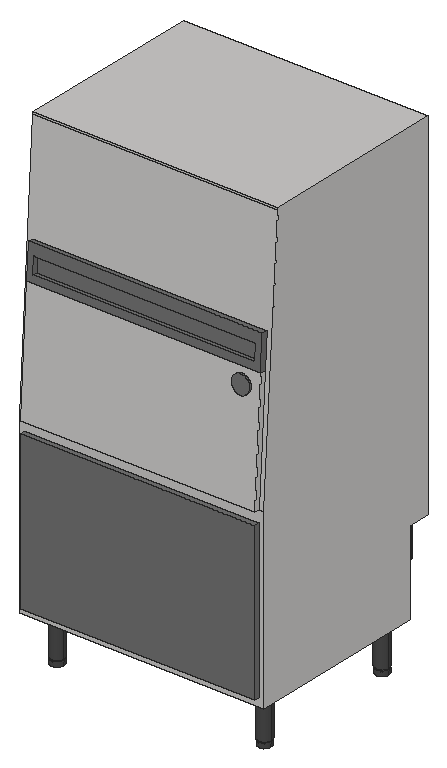
Revit family "QF_MACOM_HOSIM130A-2M", category Equipamento especial, Revit 2020
Family settings
  Cota do conector redondo = Utilizar diâmetro
  Tipo de parte = Normal
  Número OmniClass = 23.40.40.14.27
  Título OmniClass = Ice Machines
  Com base no plano de trabalho = Não
  Sempre na vertical = Sim
  Corte com vazios quando carregada = Não
  Compartilhado = Não
  Ponto de cálculo do ambiente = Não
Parameters (values of type "HOSIM130A-2M")
  Work Temperature = "0"
  Weight [instance] = 79.00 kg
  Watts [instance] = 630 W
  Water Temperature = "0"
  Water Consumption per day = "0"
  Waste Water Discharge Temperature = 0 °C
  Volume = 0.504 m³
  Volts [instance] = 220 V
  URL Recommended Spares List [instance] = ""
  URL Manufacturer [instance] = ""
  URL Cutsheet [instance] = ""
  URL Critical Spares List [instance] = ""
  URL = "https://www.acosmacom.com.br/"
  Storage = 52.00 kg
  Specification by User [instance] = ""
  Specification by Manufacturer [instance] = ""
  Serial Number [instance] = ""
  Seismic Rating [instance] = ""
  SMACNA No [instance] = ""
  Revision Code [instance] = ""
  Pumbling Remarks = ""
  Production per Day = "0"
  Production per Cycle = "80 cubes"
  Plumbing Connection Type = ""
  Number of Poles = 0
  NAFEM Spec ID Number [instance] = ""
  Modelo = "HOSIM130A-2M"
  Min Ckt Ampacity = 0 A
  Max Overcurrent Protection = 0 A
  Item Number [instance] = ""
  Installed by [instance] = ""
  Indirect Waste Size = 3/4"
  Indirect Waste Flow = 0.0 L/s
  Indirect Waste Connection Type = ""
  Indirect Waste Connection Height = 153 mm
  HP = ""
  Furnished by [instance] = ""
  Fabricante = "MACOM"
  FL Amps = 0 A
  Elevação padrão = 0 mm
  Electrical Remarks = ""
  Electric Connection Type = ""
  Elec Conn RI Height = 0 mm
  Descrição = "MAQUINA DE GELO EM CUBO HOSHIZAKI, PRODUCAO ATE 125KG/DIA, COM DEPOSITO DE 52KG - 220V MONOF - IM-130A-660X570X1320mm"
  Conn Conduit = yes
  Type Comments = ""
  Solid Fuel Type [instance] = ""
  Show Logo [instance] = yes
  Show Clearances [instance] = yes
  Refrigeration Suction Line Size [instance] = 0"
  Refrigeration Liquid Line Size [instance] = 0"
  Refrigeration Evaporation Temperature [instance] = 0 °C
  Refrigeration Energy Efficiency Index [instance] = ""
  Refrigeration Defrost Drain [instance] = yes
  Refrigeration Climate Class [instance] = ""
  Refrigerant Type [instance] = "R404a"
  Refrigerant Mass [instance] = 0
  Refrigerant Flow [instance] = 0.0 L/s
  Refrigerant Compressor Remote [instance] = yes
  Potential Equalisation [instance] = yes
  Phase [instance] = 0
  Operational Current [instance] = 2.7 A
  Masterspec [instance] = ""
  Length Actual [instance] = 664 mm
  Ingress Protection Code [instance] = ""
  Identify Quantity as Lot [instance] = yes
  Height Actual = 1332 mm
  Gas Connection Height [instance] = 0 mm
  Fuel Type [instance] = ""
  Foodservice Equipment Identifier [instance] = yes
  Elec Conn Connection Height [instance] = 198 mm
  Depth Actual [instance] = 570 mm
  Cycle [instance] = 60 Hz
  Conn Plug [instance] = ""
  Cold Water Temperature Recommended = 0 °C
  Cold Water Size = 1/2"
  Cold Water RI Height = 0 mm
  Cold Water Minimum Pressure = 0.0 Pa
  Cold Water Maximum Pressure = 0.0 Pa
  Cold Water Flow = 0.0 L/s
  Cold Water Consumption = ""
  Cold Water Connection Height = 229 mm
  CSI MasterFormat [instance] = ""
  CE Approved [instance] = yes
  BTUH [instance] = 4811 Btu/h
  Apparent Power = 0 VA
  Accessory [instance] = yes
Reference planes
  plane 1 "Centro (Frontal/Traseira)": y = 0
  plane 2: z = 0
  plane 3 "Centro (Esquerda/Direita)": x = 0
  plane 4: x = 664
  plane 5: z = 1332
  plane 6: y = -570
  plane 7: y = -725
Forms (mm)
  Extrusion 1, solid, material "QF_Metal_Stainless Steel"
    sketch origin (0, 0, 0) x (0, 1, 0) y (0, 0, 1)
      loop
        line (0, 1332) -> (-510, 1332) -> (-510, 1327) -> (-555, 611.5) -> (-555, 132) -> (-60, 132) -> (-60, 361) -> (0, 361) -> (0, 1332)
    from 0 to 664
  Extrusion 2, solid, material "QF_Plastic-Dark Gray"
    sketch origin (0, -555, 152) x (0, 0, 1) y (-1, 0, 0)
      loop
        line (428, -15) -> (2.5, -15) -> (2.5, -649) -> (428, -649) -> (428, -15)
    from 0 to 15
  Extrusion 3, solid, material "QF_Metal_Stainless Steel"
    sketch origin (0, 0, 0) x (0, 1, 0) y (0, 0, 1)
      loop
        line (-555, 611.5) -> (-534.223, 941.847) -> (-549.194, 942.789) -> (-569.97, 612.442) -> (-555, 611.5)
    from 15 to 649
  Extrusion 4, solid, material "QF_Plastic-Dark Gray"
    sketch origin (649, 0, 0) x (0, 1, 0) y (0, 0, 1)
      loop
        line (-534.223, 941.847) -> (-528.26, 1036.66) -> (-543.231, 1037.601) -> (-549.194, 942.789) -> (-534.223, 941.847)
    from 0 to -634
  Extrusion 5, void
    sketch origin (649, 0, 0) x (0, -1, 0) y (0, 0, 1)
      loop
        line (547.938, 962.749) -> (545.114, 1007.661) -> (540.905, 1007.396)
        arc (540.905, 1007.396) -> (539.129, 1008.004) -> (538.303, 1009.689) r 2.452
        line (538.303, 1009.689) -> (537.614, 1020.651) -> (532.624, 1020.337) -> (536.292, 962.017) -> (547.938, 962.749)
    from 15 to 619
  Extrusion 6, solid, material "QF_Finishes_Clearance_Door_Drawer", detail levels coarse
    sketch origin (649, 0, 0) x (0, 1, 0) y (0, 0, 1)
      loop
        arc (-543.231, 1037.601) -> (-772.594, 987.167) -> (-940.38, 822.853) r 426
        line (-940.38, 822.853) -> (-569.97, 612.442) -> (-543.231, 1037.601)
    from 0 to -634
  Extrusion 7, solid, material "QF_Finishes_Clearance_Wall", detail levels coarse
    sketch origin (0, 0, 1332) x (0, -1, 0) y (1, 0, 0)
      loop
        line (0, 0) -> (0, -150) -> (570, -150) -> (570, 0) -> (0, 0)
      loop
        line (0, 664) -> (570, 664) -> (570, 814) -> (0, 814) -> (0, 664)
    from 0 to -1332
  Extrusion 8, solid, material "QF_Finishes_Clearance_Wall", detail levels coarse
    sketch origin (0, 0, 1332) x (0, -1, 0) y (1, 0, 0)
      loop
        line (0, -150) -> (570, -150) -> (570, 814) -> (0, 814) -> (0, -150)
    from 0 to 150
  Extrusion 9, solid, material "QF_Metal_Stainless Steel"
    sketch origin (0, 0, 361) x (-1, 0, 0) y (0, 1, 0)
      loop
        circle (-638, -30) r 6.35
    from 0 to 100
  Extrusion 10, solid, material "QF_Metal_Stainless Steel"
    sketch origin (0, -60, 761) x (0, 0, -1) y (-1, 0, 0)
      loop
        circle (476, -78.5) r 9.525
      loop
        circle (431, -35) r 9.525
    from 0 to 6.35
Cuts and joins
  Extrusion 5 cuts Extrusion 4
  joined: Extrusion 7, Extrusion 8
Lines and regions (mm)
  model lines
    curve 1: line (34.5, -570, 170.5) -> (34.5, -570, 185.4)
    curve 2: line (625.5, -570, 170.5) -> (34.5, -570, 170.5)
    curve 3: line (625.5, -570, 185.4) -> (625.5, -570, 170.5)
    curve 4: line (34.5, -570, 185.4) -> (625.5, -570, 185.4)
    curve 5: line (133, -570, 185.4) -> (133, -570, 170.5)
    curve 6: line (231.5, -570, 185.4) -> (231.5, -570, 170.5)
    curve 7: line (330, -570, 185.4) -> (330, -570, 170.5)
    curve 8: line (428.5, -570, 185.4) -> (428.5, -570, 170.5)
    curve 9: line (527, -570, 185.4) -> (527, -570, 170.5)
    curve 10: line (34.5, -570, 197) -> (34.5, -570, 211.9)
    curve 11: line (625.5, -570, 197) -> (34.5, -570, 197)
    curve 12: line (625.5, -570, 211.9) -> (625.5, -570, 197)
    curve 13: line (34.5, -570, 211.9) -> (625.5, -570, 211.9)
    curve 14: line (133, -570, 211.9) -> (133, -570, 197)
    curve 15: line (231.5, -570, 211.9) -> (231.5, -570, 197)
    curve 16: line (330, -570, 211.9) -> (330, -570, 197)
    curve 17: line (428.5, -570, 211.9) -> (428.5, -570, 197)
    curve 18: line (527, -570, 211.9) -> (527, -570, 197)
    curve 19: line (34.5, -570, 223.5) -> (34.5, -570, 238.4)
    curve 20: line (625.5, -570, 223.5) -> (34.5, -570, 223.5)
    curve 21: line (625.5, -570, 238.4) -> (625.5, -570, 223.5)
    curve 22: line (34.5, -570, 238.4) -> (625.5, -570, 238.4)
    curve 23: line (133, -570, 238.4) -> (133, -570, 223.5)
    curve 24: line (231.5, -570, 238.4) -> (231.5, -570, 223.5)
    curve 25: line (330, -570, 238.4) -> (330, -570, 223.5)
    curve 26: line (428.5, -570, 238.4) -> (428.5, -570, 223.5)
    curve 27: line (527, -570, 238.4) -> (527, -570, 223.5)
    curve 28: line (34.5, -570, 250) -> (34.5, -570, 264.9)
    curve 29: line (625.5, -570, 250) -> (34.5, -570, 250)
    curve 30: line (625.5, -570, 264.9) -> (625.5, -570, 250)
    curve 31: line (34.5, -570, 264.9) -> (625.5, -570, 264.9)
    curve 32: line (133, -570, 264.9) -> (133, -570, 250)
    curve 33: line (231.5, -570, 264.9) -> (231.5, -570, 250)
    curve 34: line (330, -570, 264.9) -> (330, -570, 250)
    curve 35: line (428.5, -570, 264.9) -> (428.5, -570, 250)
    curve 36: line (527, -570, 264.9) -> (527, -570, 250)
    curve 37: line (34.5, -570, 276.5) -> (34.5, -570, 291.4)
    curve 38: line (625.5, -570, 276.5) -> (34.5, -570, 276.5)
    curve 39: line (625.5, -570, 291.4) -> (625.5, -570, 276.5)
    curve 40: line (34.5, -570, 291.4) -> (625.5, -570, 291.4)
    curve 41: line (133, -570, 291.4) -> (133, -570, 276.5)
    curve 42: line (231.5, -570, 291.4) -> (231.5, -570, 276.5)
    curve 43: line (330, -570, 291.4) -> (330, -570, 276.5)
    curve 44: line (428.5, -570, 291.4) -> (428.5, -570, 276.5)
    curve 45: line (527, -570, 291.4) -> (527, -570, 276.5)
    curve 46: line (34.5, -570, 303) -> (34.5, -570, 317.9)
    curve 47: line (625.5, -570, 303) -> (34.5, -570, 303)
    curve 48: line (625.5, -570, 317.9) -> (625.5, -570, 303)
    curve 49: line (34.5, -570, 317.9) -> (625.5, -570, 317.9)
    curve 50: line (133, -570, 317.9) -> (133, -570, 303)
    curve 51: line (231.5, -570, 317.9) -> (231.5, -570, 303)
    curve 52: line (330, -570, 317.9) -> (330, -570, 303)
    curve 53: line (428.5, -570, 317.9) -> (428.5, -570, 303)
    curve 54: line (527, -570, 317.9) -> (527, -570, 303)
    curve 55: line (34.5, -570, 329.5) -> (34.5, -570, 344.4)
    curve 56: line (625.5, -570, 329.5) -> (34.5, -570, 329.5)
    curve 57: line (625.5, -570, 344.4) -> (625.5, -570, 329.5)
    curve 58: line (34.5, -570, 344.4) -> (625.5, -570, 344.4)
    curve 59: line (133, -570, 344.4) -> (133, -570, 329.5)
    curve 60: line (231.5, -570, 344.4) -> (231.5, -570, 329.5)
    curve 61: line (330, -570, 344.4) -> (330, -570, 329.5)
    curve 62: line (428.5, -570, 344.4) -> (428.5, -570, 329.5)
    curve 63: line (527, -570, 344.4) -> (527, -570, 329.5)
    curve 64: line (34.5, -570, 356) -> (34.5, -570, 370.9)
    curve 65: line (625.5, -570, 356) -> (34.5, -570, 356)
    curve 66: line (625.5, -570, 370.9) -> (625.5, -570, 356)
    curve 67: line (34.5, -570, 370.9) -> (625.5, -570, 370.9)
    curve 68: line (133, -570, 370.9) -> (133, -570, 356)
    curve 69: line (231.5, -570, 370.9) -> (231.5, -570, 356)
    curve 70: line (330, -570, 370.9) -> (330, -570, 356)
    curve 71: line (428.5, -570, 370.9) -> (428.5, -570, 356)
    curve 72: line (527, -570, 370.9) -> (527, -570, 356)
    curve 73: line (34.5, -570, 382.5) -> (34.5, -570, 397.4)
    curve 74: line (625.5, -570, 382.5) -> (34.5, -570, 382.5)
    curve 75: line (625.5, -570, 397.4) -> (625.5, -570, 382.5)
    curve 76: line (34.5, -570, 397.4) -> (625.5, -570, 397.4)
    curve 77: line (133, -570, 397.4) -> (133, -570, 382.5)
    curve 78: line (231.5, -570, 397.4) -> (231.5, -570, 382.5)
    curve 79: line (330, -570, 397.4) -> (330, -570, 382.5)
    curve 80: line (428.5, -570, 397.4) -> (428.5, -570, 382.5)
    curve 81: line (527, -570, 397.4) -> (527, -570, 382.5)
    curve 82: line (34.5, -570, 409) -> (34.5, -570, 423.9)
    curve 83: line (625.5, -570, 409) -> (34.5, -570, 409)
    curve 84: line (625.5, -570, 423.9) -> (625.5, -570, 409)
    curve 85: line (34.5, -570, 423.9) -> (625.5, -570, 423.9)
    curve 86: line (133, -570, 423.9) -> (133, -570, 409)
    curve 87: line (231.5, -570, 423.9) -> (231.5, -570, 409)
    curve 88: line (330, -570, 423.9) -> (330, -570, 409)
    curve 89: line (428.5, -570, 423.9) -> (428.5, -570, 409)
    curve 90: line (527, -570, 423.9) -> (527, -570, 409)
    curve 91: line (34.5, -570, 435.5) -> (34.5, -570, 450.4)
    curve 92: line (625.5, -570, 435.5) -> (34.5, -570, 435.5)
    curve 93: line (625.5, -570, 450.4) -> (625.5, -570, 435.5)
    curve 94: line (34.5, -570, 450.4) -> (625.5, -570, 450.4)
    curve 95: line (133, -570, 450.4) -> (133, -570, 435.5)
    curve 96: line (231.5, -570, 450.4) -> (231.5, -570, 435.5)
    curve 97: line (330, -570, 450.4) -> (330, -570, 435.5)
    curve 98: line (428.5, -570, 450.4) -> (428.5, -570, 435.5)
    curve 99: line (527, -570, 450.4) -> (527, -570, 435.5)
    curve 100: line (34.5, -570, 462) -> (34.5, -570, 476.9)
    curve 101: line (625.5, -570, 462) -> (34.5, -570, 462)
    curve 102: line (625.5, -570, 476.9) -> (625.5, -570, 462)
    curve 103: line (34.5, -570, 476.9) -> (625.5, -570, 476.9)
    curve 104: line (133, -570, 476.9) -> (133, -570, 462)
    curve 105: line (231.5, -570, 476.9) -> (231.5, -570, 462)
    curve 106: line (330, -570, 476.9) -> (330, -570, 462)
    curve 107: line (428.5, -570, 476.9) -> (428.5, -570, 462)
    curve 108: line (527, -570, 476.9) -> (527, -570, 462)
    curve 109: line (34.5, -570, 488.5) -> (34.5, -570, 503.4)
    curve 110: line (625.5, -570, 488.5) -> (34.5, -570, 488.5)
    curve 111: line (625.5, -570, 503.4) -> (625.5, -570, 488.5)
    curve 112: line (34.5, -570, 503.4) -> (625.5, -570, 503.4)
    curve 113: line (133, -570, 503.4) -> (133, -570, 488.5)
    curve 114: line (231.5, -570, 503.4) -> (231.5, -570, 488.5)
    curve 115: line (330, -570, 503.4) -> (330, -570, 488.5)
    curve 116: line (428.5, -570, 503.4) -> (428.5, -570, 488.5)
    curve 117: line (527, -570, 503.4) -> (527, -570, 488.5)
    curve 118: line (34.5, -570, 515) -> (34.5, -570, 529.9)
    curve 119: line (625.5, -570, 515) -> (34.5, -570, 515)
    curve 120: line (625.5, -570, 529.9) -> (625.5, -570, 515)
    curve 121: line (34.5, -570, 529.9) -> (625.5, -570, 529.9)
    curve 122: line (133, -570, 529.9) -> (133, -570, 515)
    curve 123: line (231.5, -570, 529.9) -> (231.5, -570, 515)
    curve 124: line (330, -570, 529.9) -> (330, -570, 515)
    curve 125: line (428.5, -570, 529.9) -> (428.5, -570, 515)
    curve 126: line (527, -570, 529.9) -> (527, -570, 515)
    curve 127: line (34.5, -570, 541.5) -> (34.5, -570, 556.4)
    curve 128: line (625.5, -570, 541.5) -> (34.5, -570, 541.5)
    curve 129: line (625.5, -570, 556.4) -> (625.5, -570, 541.5)
    curve 130: line (34.5, -570, 556.4) -> (625.5, -570, 556.4)
    curve 131: line (133, -570, 556.4) -> (133, -570, 541.5)
    curve 132: line (231.5, -570, 556.4) -> (231.5, -570, 541.5)
    curve 133: line (330, -570, 556.4) -> (330, -570, 541.5)
    curve 134: line (428.5, -570, 556.4) -> (428.5, -570, 541.5)
    curve 135: line (527, -570, 556.4) -> (527, -570, 541.5)
    curve 136: line (0, -131.5, 184.5) -> (0, -199.5, 184.5)
    curve 137: line (0, -199.5, 191.5) -> (0, -131.5, 191.5)
    curve 138: arc (0, -199.5, 184.5) -> (0, -203, 188) -> (0, -199.5, 191.5) r 3.5
    curve 139: arc (0, -131.5, 191.5) -> (0, -128, 188) -> (0, -131.5, 184.5) r 3.5
    curve 140: line (0, -212.5, 184.5) -> (0, -280.5, 184.5)
    curve 141: line (0, -280.5, 191.5) -> (0, -212.5, 191.5)
    curve 142: arc (0, -280.5, 184.5) -> (0, -284, 188) -> (0, -280.5, 191.5) r 3.5
    curve 143: arc (0, -212.5, 191.5) -> (0, -209, 188) -> (0, -212.5, 184.5) r 3.5
    curve 144: line (0, -293.5, 184.5) -> (0, -361.5, 184.5)
    curve 145: line (0, -361.5, 191.5) -> (0, -293.5, 191.5)
    curve 146: arc (0, -361.5, 184.5) -> (0, -365, 188) -> (0, -361.5, 191.5) r 3.5
    curve 147: arc (0, -293.5, 191.5) -> (0, -290, 188) -> (0, -293.5, 184.5) r 3.5
    curve 148: line (0, -131.5, 195.5) -> (0, -199.5, 195.5)
    curve 149: line (0, -199.5, 202.5) -> (0, -131.5, 202.5)
    curve 150: arc (0, -199.5, 195.5) -> (0, -203, 199) -> (0, -199.5, 202.5) r 3.5
    curve 151: arc (0, -131.5, 202.5) -> (0, -128, 199) -> (0, -131.5, 195.5) r 3.5
    curve 152: line (0, -212.5, 195.5) -> (0, -280.5, 195.5)
    curve 153: line (0, -280.5, 202.5) -> (0, -212.5, 202.5)
    curve 154: arc (0, -280.5, 195.5) -> (0, -284, 199) -> (0, -280.5, 202.5) r 3.5
    curve 155: arc (0, -212.5, 202.5) -> (0, -209, 199) -> (0, -212.5, 195.5) r 3.5
    curve 156: line (0, -293.5, 195.5) -> (0, -361.5, 195.5)
    curve 157: line (0, -361.5, 202.5) -> (0, -293.5, 202.5)
    curve 158: arc (0, -361.5, 195.5) -> (0, -365, 199) -> (0, -361.5, 202.5) r 3.5
    curve 159: arc (0, -293.5, 202.5) -> (0, -290, 199) -> (0, -293.5, 195.5) r 3.5
    curve 160: line (0, -131.5, 206.5) -> (0, -199.5, 206.5)
    curve 161: line (0, -199.5, 213.5) -> (0, -131.5, 213.5)
    curve 162: arc (0, -199.5, 206.5) -> (0, -203, 210) -> (0, -199.5, 213.5) r 3.5
    curve 163: arc (0, -131.5, 213.5) -> (0, -128, 210) -> (0, -131.5, 206.5) r 3.5
    curve 164: line (0, -212.5, 206.5) -> (0, -280.5, 206.5)
    curve 165: line (0, -280.5, 213.5) -> (0, -212.5, 213.5)
    curve 166: arc (0, -280.5, 206.5) -> (0, -284, 210) -> (0, -280.5, 213.5) r 3.5
    curve 167: arc (0, -212.5, 213.5) -> (0, -209, 210) -> (0, -212.5, 206.5) r 3.5
    curve 168: line (0, -293.5, 206.5) -> (0, -361.5, 206.5)
    curve 169: line (0, -361.5, 213.5) -> (0, -293.5, 213.5)
    curve 170: arc (0, -361.5, 206.5) -> (0, -365, 210) -> (0, -361.5, 213.5) r 3.5
    curve 171: arc (0, -293.5, 213.5) -> (0, -290, 210) -> (0, -293.5, 206.5) r 3.5
    curve 172: line (0, -131.5, 217.5) -> (0, -199.5, 217.5)
    curve 173: line (0, -199.5, 224.5) -> (0, -131.5, 224.5)
    curve 174: arc (0, -199.5, 217.5) -> (0, -203, 221) -> (0, -199.5, 224.5) r 3.5
    curve 175: arc (0, -131.5, 224.5) -> (0, -128, 221) -> (0, -131.5, 217.5) r 3.5
    curve 176: line (0, -212.5, 217.5) -> (0, -280.5, 217.5)
    curve 177: line (0, -280.5, 224.5) -> (0, -212.5, 224.5)
    curve 178: arc (0, -280.5, 217.5) -> (0, -284, 221) -> (0, -280.5, 224.5) r 3.5
    curve 179: arc (0, -212.5, 224.5) -> (0, -209, 221) -> (0, -212.5, 217.5) r 3.5
    curve 180: line (0, -293.5, 217.5) -> (0, -361.5, 217.5)
    curve 181: line (0, -361.5, 224.5) -> (0, -293.5, 224.5)
    curve 182: arc (0, -361.5, 217.5) -> (0, -365, 221) -> (0, -361.5, 224.5) r 3.5
    curve 183: arc (0, -293.5, 224.5) -> (0, -290, 221) -> (0, -293.5, 217.5) r 3.5
    curve 184: line (0, -131.5, 228.5) -> (0, -199.5, 228.5)
    curve 185: line (0, -199.5, 235.5) -> (0, -131.5, 235.5)
    curve 186: arc (0, -199.5, 228.5) -> (0, -203, 232) -> (0, -199.5, 235.5) r 3.5
    curve 187: arc (0, -131.5, 235.5) -> (0, -128, 232) -> (0, -131.5, 228.5) r 3.5
    curve 188: line (0, -212.5, 228.5) -> (0, -280.5, 228.5)
    curve 189: line (0, -280.5, 235.5) -> (0, -212.5, 235.5)
    curve 190: arc (0, -280.5, 228.5) -> (0, -284, 232) -> (0, -280.5, 235.5) r 3.5
    curve 191: arc (0, -212.5, 235.5) -> (0, -209, 232) -> (0, -212.5, 228.5) r 3.5
    curve 192: line (0, -293.5, 228.5) -> (0, -361.5, 228.5)
    curve 193: line (0, -361.5, 235.5) -> (0, -293.5, 235.5)
    curve 194: arc (0, -361.5, 228.5) -> (0, -365, 232) -> (0, -361.5, 235.5) r 3.5
    curve 195: arc (0, -293.5, 235.5) -> (0, -290, 232) -> (0, -293.5, 228.5) r 3.5
    curve 196: line (0, -131.5, 239.5) -> (0, -199.5, 239.5)
    curve 197: line (0, -199.5, 246.5) -> (0, -131.5, 246.5)
    curve 198: arc (0, -199.5, 239.5) -> (0, -203, 243) -> (0, -199.5, 246.5) r 3.5
    curve 199: arc (0, -131.5, 246.5) -> (0, -128, 243) -> (0, -131.5, 239.5) r 3.5
    curve 200: line (0, -212.5, 239.5) -> (0, -280.5, 239.5)
    curve 201: line (0, -280.5, 246.5) -> (0, -212.5, 246.5)
    curve 202: arc (0, -280.5, 239.5) -> (0, -284, 243) -> (0, -280.5, 246.5) r 3.5
    curve 203: arc (0, -212.5, 246.5) -> (0, -209, 243) -> (0, -212.5, 239.5) r 3.5
    curve 204: line (0, -293.5, 239.5) -> (0, -361.5, 239.5)
    curve 205: line (0, -361.5, 246.5) -> (0, -293.5, 246.5)
    curve 206: arc (0, -361.5, 239.5) -> (0, -365, 243) -> (0, -361.5, 246.5) r 3.5
    curve 207: arc (0, -293.5, 246.5) -> (0, -290, 243) -> (0, -293.5, 239.5) r 3.5
    curve 208: line (0, -131.5, 250.5) -> (0, -199.5, 250.5)
    curve 209: line (0, -199.5, 257.5) -> (0, -131.5, 257.5)
    curve 210: arc (0, -199.5, 250.5) -> (0, -203, 254) -> (0, -199.5, 257.5) r 3.5
    curve 211: arc (0, -131.5, 257.5) -> (0, -128, 254) -> (0, -131.5, 250.5) r 3.5
    curve 212: line (0, -212.5, 250.5) -> (0, -280.5, 250.5)
    curve 213: line (0, -280.5, 257.5) -> (0, -212.5, 257.5)
    curve 214: arc (0, -280.5, 250.5) -> (0, -284, 254) -> (0, -280.5, 257.5) r 3.5
    curve 215: arc (0, -212.5, 257.5) -> (0, -209, 254) -> (0, -212.5, 250.5) r 3.5
    curve 216: line (0, -293.5, 250.5) -> (0, -361.5, 250.5)
    curve 217: line (0, -361.5, 257.5) -> (0, -293.5, 257.5)
    curve 218: arc (0, -361.5, 250.5) -> (0, -365, 254) -> (0, -361.5, 257.5) r 3.5
    curve 219: arc (0, -293.5, 257.5) -> (0, -290, 254) -> (0, -293.5, 250.5) r 3.5
    curve 220: line (0, -131.5, 261.5) -> (0, -199.5, 261.5)
    curve 221: line (0, -199.5, 268.5) -> (0, -131.5, 268.5)
    curve 222: arc (0, -199.5, 261.5) -> (0, -203, 265) -> (0, -199.5, 268.5) r 3.5
    curve 223: arc (0, -131.5, 268.5) -> (0, -128, 265) -> (0, -131.5, 261.5) r 3.5
    curve 224: line (0, -212.5, 261.5) -> (0, -280.5, 261.5)
    curve 225: line (0, -280.5, 268.5) -> (0, -212.5, 268.5)
    curve 226: arc (0, -280.5, 261.5) -> (0, -284, 265) -> (0, -280.5, 268.5) r 3.5
    curve 227: arc (0, -212.5, 268.5) -> (0, -209, 265) -> (0, -212.5, 261.5) r 3.5
    curve 228: line (0, -293.5, 261.5) -> (0, -361.5, 261.5)
    curve 229: line (0, -361.5, 268.5) -> (0, -293.5, 268.5)
    curve 230: arc (0, -361.5, 261.5) -> (0, -365, 265) -> (0, -361.5, 268.5) r 3.5
    curve 231: arc (0, -293.5, 268.5) -> (0, -290, 265) -> (0, -293.5, 261.5) r 3.5
    curve 232: line (0, -131.5, 272.5) -> (0, -199.5, 272.5)
    curve 233: line (0, -199.5, 279.5) -> (0, -131.5, 279.5)
    curve 234: arc (0, -199.5, 272.5) -> (0, -203, 276) -> (0, -199.5, 279.5) r 3.5
    curve 235: arc (0, -131.5, 279.5) -> (0, -128, 276) -> (0, -131.5, 272.5) r 3.5
    curve 236: line (0, -212.5, 272.5) -> (0, -280.5, 272.5)
    curve 237: line (0, -280.5, 279.5) -> (0, -212.5, 279.5)
    curve 238: arc (0, -280.5, 272.5) -> (0, -284, 276) -> (0, -280.5, 279.5) r 3.5
    curve 239: arc (0, -212.5, 279.5) -> (0, -209, 276) -> (0, -212.5, 272.5) r 3.5
    curve 240: line (0, -293.5, 272.5) -> (0, -361.5, 272.5)
    curve 241: line (0, -361.5, 279.5) -> (0, -293.5, 279.5)
    curve 242: arc (0, -361.5, 272.5) -> (0, -365, 276) -> (0, -361.5, 279.5) r 3.5
    curve 243: arc (0, -293.5, 279.5) -> (0, -290, 276) -> (0, -293.5, 272.5) r 3.5
    curve 244: line (0, -131.5, 283.5) -> (0, -199.5, 283.5)
    curve 245: line (0, -199.5, 290.5) -> (0, -131.5, 290.5)
    curve 246: arc (0, -199.5, 283.5) -> (0, -203, 287) -> (0, -199.5, 290.5) r 3.5
    curve 247: arc (0, -131.5, 290.5) -> (0, -128, 287) -> (0, -131.5, 283.5) r 3.5
    curve 248: line (0, -212.5, 283.5) -> (0, -280.5, 283.5)
    curve 249: line (0, -280.5, 290.5) -> (0, -212.5, 290.5)
    curve 250: arc (0, -280.5, 283.5) -> (0, -284, 287) -> (0, -280.5, 290.5) r 3.5
    curve 251: arc (0, -212.5, 290.5) -> (0, -209, 287) -> (0, -212.5, 283.5) r 3.5
    curve 252: line (0, -293.5, 283.5) -> (0, -361.5, 283.5)
    curve 253: line (0, -361.5, 290.5) -> (0, -293.5, 290.5)
    curve 254: arc (0, -361.5, 283.5) -> (0, -365, 287) -> (0, -361.5, 290.5) r 3.5
    curve 255: arc (0, -293.5, 290.5) -> (0, -290, 287) -> (0, -293.5, 283.5) r 3.5
    curve 256: line (0, -131.5, 294.5) -> (0, -199.5, 294.5)
    curve 257: line (0, -199.5, 301.5) -> (0, -131.5, 301.5)
    curve 258: arc (0, -199.5, 294.5) -> (0, -203, 298) -> (0, -199.5, 301.5) r 3.5
    curve 259: arc (0, -131.5, 301.5) -> (0, -128, 298) -> (0, -131.5, 294.5) r 3.5
    curve 260: line (0, -212.5, 294.5) -> (0, -280.5, 294.5)
    curve 261: line (0, -280.5, 301.5) -> (0, -212.5, 301.5)
    curve 262: arc (0, -280.5, 294.5) -> (0, -284, 298) -> (0, -280.5, 301.5) r 3.5
    curve 263: arc (0, -212.5, 301.5) -> (0, -209, 298) -> (0, -212.5, 294.5) r 3.5
    curve 264: line (0, -293.5, 294.5) -> (0, -361.5, 294.5)
    curve 265: line (0, -361.5, 301.5) -> (0, -293.5, 301.5)
    curve 266: arc (0, -361.5, 294.5) -> (0, -365, 298) -> (0, -361.5, 301.5) r 3.5
    curve 267: arc (0, -293.5, 301.5) -> (0, -290, 298) -> (0, -293.5, 294.5) r 3.5
    curve 268: line (0, -131.5, 305.5) -> (0, -199.5, 305.5)
    curve 269: line (0, -199.5, 312.5) -> (0, -131.5, 312.5)
    curve 270: arc (0, -199.5, 305.5) -> (0, -203, 309) -> (0, -199.5, 312.5) r 3.5
    curve 271: arc (0, -131.5, 312.5) -> (0, -128, 309) -> (0, -131.5, 305.5) r 3.5
    curve 272: line (0, -212.5, 305.5) -> (0, -280.5, 305.5)
    curve 273: line (0, -280.5, 312.5) -> (0, -212.5, 312.5)
    curve 274: arc (0, -280.5, 305.5) -> (0, -284, 309) -> (0, -280.5, 312.5) r 3.5
    curve 275: arc (0, -212.5, 312.5) -> (0, -209, 309) -> (0, -212.5, 305.5) r 3.5
    curve 276: line (0, -293.5, 305.5) -> (0, -361.5, 305.5)
    curve 277: line (0, -361.5, 312.5) -> (0, -293.5, 312.5)
    curve 278: arc (0, -361.5, 305.5) -> (0, -365, 309) -> (0, -361.5, 312.5) r 3.5
    curve 279: arc (0, -293.5, 312.5) -> (0, -290, 309) -> (0, -293.5, 305.5) r 3.5
    curve 280: line (0, -131.5, 316.5) -> (0, -199.5, 316.5)
    curve 281: line (0, -199.5, 323.5) -> (0, -131.5, 323.5)
    curve 282: arc (0, -199.5, 316.5) -> (0, -203, 320) -> (0, -199.5, 323.5) r 3.5
    curve 283: arc (0, -131.5, 323.5) -> (0, -128, 320) -> (0, -131.5, 316.5) r 3.5
    curve 284: line (0, -212.5, 316.5) -> (0, -280.5, 316.5)
    curve 285: line (0, -280.5, 323.5) -> (0, -212.5, 323.5)
    curve 286: arc (0, -280.5, 316.5) -> (0, -284, 320) -> (0, -280.5, 323.5) r 3.5
    curve 287: arc (0, -212.5, 323.5) -> (0, -209, 320) -> (0, -212.5, 316.5) r 3.5
    curve 288: line (0, -293.5, 316.5) -> (0, -361.5, 316.5)
    curve 289: line (0, -361.5, 323.5) -> (0, -293.5, 323.5)
    curve 290: arc (0, -361.5, 316.5) -> (0, -365, 320) -> (0, -361.5, 323.5) r 3.5
    curve 291: arc (0, -293.5, 323.5) -> (0, -290, 320) -> (0, -293.5, 316.5) r 3.5
    curve 292: line (0, -131.5, 327.5) -> (0, -199.5, 327.5)
    curve 293: line (0, -199.5, 334.5) -> (0, -131.5, 334.5)
    curve 294: arc (0, -199.5, 327.5) -> (0, -203, 331) -> (0, -199.5, 334.5) r 3.5
    curve 295: arc (0, -131.5, 334.5) -> (0, -128, 331) -> (0, -131.5, 327.5) r 3.5
    curve 296: line (0, -212.5, 327.5) -> (0, -280.5, 327.5)
    curve 297: line (0, -280.5, 334.5) -> (0, -212.5, 334.5)
    curve 298: arc (0, -280.5, 327.5) -> (0, -284, 331) -> (0, -280.5, 334.5) r 3.5
    curve 299: arc (0, -212.5, 334.5) -> (0, -209, 331) -> (0, -212.5, 327.5) r 3.5
    curve 300: line (0, -293.5, 327.5) -> (0, -361.5, 327.5)
    curve 301: line (0, -361.5, 334.5) -> (0, -293.5, 334.5)
    curve 302: arc (0, -361.5, 327.5) -> (0, -365, 331) -> (0, -361.5, 334.5) r 3.5
    curve 303: arc (0, -293.5, 334.5) -> (0, -290, 331) -> (0, -293.5, 327.5) r 3.5
    curve 304: line (0, -131.5, 338.5) -> (0, -199.5, 338.5)
    curve 305: line (0, -199.5, 345.5) -> (0, -131.5, 345.5)
    curve 306: arc (0, -199.5, 338.5) -> (0, -203, 342) -> (0, -199.5, 345.5) r 3.5
    curve 307: arc (0, -131.5, 345.5) -> (0, -128, 342) -> (0, -131.5, 338.5) r 3.5
    curve 308: line (0, -212.5, 338.5) -> (0, -280.5, 338.5)
    curve 309: line (0, -280.5, 345.5) -> (0, -212.5, 345.5)
    curve 310: arc (0, -280.5, 338.5) -> (0, -284, 342) -> (0, -280.5, 345.5) r 3.5
    curve 311: arc (0, -212.5, 345.5) -> (0, -209, 342) -> (0, -212.5, 338.5) r 3.5
    curve 312: line (0, -293.5, 338.5) -> (0, -361.5, 338.5)
    curve 313: line (0, -361.5, 345.5) -> (0, -293.5, 345.5)
    curve 314: arc (0, -361.5, 338.5) -> (0, -365, 342) -> (0, -361.5, 345.5) r 3.5
    curve 315: arc (0, -293.5, 345.5) -> (0, -290, 342) -> (0, -293.5, 338.5) r 3.5
    curve 316: line (0, -131.5, 349.5) -> (0, -199.5, 349.5)
    curve 317: line (0, -199.5, 356.5) -> (0, -131.5, 356.5)
    curve 318: arc (0, -199.5, 349.5) -> (0, -203, 353) -> (0, -199.5, 356.5) r 3.5
    curve 319: arc (0, -131.5, 356.5) -> (0, -128, 353) -> (0, -131.5, 349.5) r 3.5
    curve 320: line (0, -212.5, 349.5) -> (0, -280.5, 349.5)
    curve 321: line (0, -280.5, 356.5) -> (0, -212.5, 356.5)
    curve 322: arc (0, -280.5, 349.5) -> (0, -284, 353) -> (0, -280.5, 356.5) r 3.5
    curve 323: arc (0, -212.5, 356.5) -> (0, -209, 353) -> (0, -212.5, 349.5) r 3.5
    curve 324: line (0, -293.5, 349.5) -> (0, -361.5, 349.5)
    curve 325: line (0, -361.5, 356.5) -> (0, -293.5, 356.5)
    curve 326: arc (0, -361.5, 349.5) -> (0, -365, 353) -> (0, -361.5, 356.5) r 3.5
    curve 327: arc (0, -293.5, 356.5) -> (0, -290, 353) -> (0, -293.5, 349.5) r 3.5
    curve 328: line (664, -131.5, 184.5) -> (664, -199.5, 184.5)
    curve 329: line (664, -199.5, 191.5) -> (664, -131.5, 191.5)
    curve 330: arc (664, -131.5, 191.5) -> (664, -128, 188) -> (664, -131.5, 184.5) r 3.5
    curve 331: arc (664, -199.5, 184.5) -> (664, -203, 188) -> (664, -199.5, 191.5) r 3.5
    curve 332: line (664, -212.5, 184.5) -> (664, -280.5, 184.5)
    curve 333: line (664, -280.5, 191.5) -> (664, -212.5, 191.5)
    curve 334: arc (664, -212.5, 191.5) -> (664, -209, 188) -> (664, -212.5, 184.5) r 3.5
    curve 335: arc (664, -280.5, 184.5) -> (664, -284, 188) -> (664, -280.5, 191.5) r 3.5
    curve 336: line (664, -293.5, 184.5) -> (664, -361.5, 184.5)
    curve 337: line (664, -361.5, 191.5) -> (664, -293.5, 191.5)
    curve 338: arc (664, -293.5, 191.5) -> (664, -290, 188) -> (664, -293.5, 184.5) r 3.5
    curve 339: arc (664, -361.5, 184.5) -> (664, -365, 188) -> (664, -361.5, 191.5) r 3.5
    curve 340: line (664, -131.5, 195.5) -> (664, -199.5, 195.5)
    curve 341: line (664, -199.5, 202.5) -> (664, -131.5, 202.5)
    curve 342: arc (664, -131.5, 202.5) -> (664, -128, 199) -> (664, -131.5, 195.5) r 3.5
    curve 343: arc (664, -199.5, 195.5) -> (664, -203, 199) -> (664, -199.5, 202.5) r 3.5
    curve 344: line (664, -212.5, 195.5) -> (664, -280.5, 195.5)
    curve 345: line (664, -280.5, 202.5) -> (664, -212.5, 202.5)
    curve 346: arc (664, -212.5, 202.5) -> (664, -209, 199) -> (664, -212.5, 195.5) r 3.5
    curve 347: arc (664, -280.5, 195.5) -> (664, -284, 199) -> (664, -280.5, 202.5) r 3.5
    curve 348: line (664, -293.5, 195.5) -> (664, -361.5, 195.5)
    curve 349: line (664, -361.5, 202.5) -> (664, -293.5, 202.5)
    curve 350: arc (664, -293.5, 202.5) -> (664, -290, 199) -> (664, -293.5, 195.5) r 3.5
    curve 351: arc (664, -361.5, 195.5) -> (664, -365, 199) -> (664, -361.5, 202.5) r 3.5
    curve 352: line (664, -131.5, 206.5) -> (664, -199.5, 206.5)
    curve 353: line (664, -199.5, 213.5) -> (664, -131.5, 213.5)
    curve 354: arc (664, -131.5, 213.5) -> (664, -128, 210) -> (664, -131.5, 206.5) r 3.5
    curve 355: arc (664, -199.5, 206.5) -> (664, -203, 210) -> (664, -199.5, 213.5) r 3.5
    curve 356: line (664, -212.5, 206.5) -> (664, -280.5, 206.5)
    curve 357: line (664, -280.5, 213.5) -> (664, -212.5, 213.5)
    curve 358: arc (664, -212.5, 213.5) -> (664, -209, 210) -> (664, -212.5, 206.5) r 3.5
    curve 359: arc (664, -280.5, 206.5) -> (664, -284, 210) -> (664, -280.5, 213.5) r 3.5
    curve 360: line (664, -293.5, 206.5) -> (664, -361.5, 206.5)
    curve 361: line (664, -361.5, 213.5) -> (664, -293.5, 213.5)
    curve 362: arc (664, -293.5, 213.5) -> (664, -290, 210) -> (664, -293.5, 206.5) r 3.5
    curve 363: arc (664, -361.5, 206.5) -> (664, -365, 210) -> (664, -361.5, 213.5) r 3.5
    curve 364: line (664, -131.5, 217.5) -> (664, -199.5, 217.5)
    curve 365: line (664, -199.5, 224.5) -> (664, -131.5, 224.5)
    curve 366: arc (664, -131.5, 224.5) -> (664, -128, 221) -> (664, -131.5, 217.5) r 3.5
    curve 367: arc (664, -199.5, 217.5) -> (664, -203, 221) -> (664, -199.5, 224.5) r 3.5
    curve 368: line (664, -212.5, 217.5) -> (664, -280.5, 217.5)
    curve 369: line (664, -280.5, 224.5) -> (664, -212.5, 224.5)
    curve 370: arc (664, -212.5, 224.5) -> (664, -209, 221) -> (664, -212.5, 217.5) r 3.5
    curve 371: arc (664, -280.5, 217.5) -> (664, -284, 221) -> (664, -280.5, 224.5) r 3.5
    curve 372: line (664, -293.5, 217.5) -> (664, -361.5, 217.5)
    curve 373: line (664, -361.5, 224.5) -> (664, -293.5, 224.5)
    curve 374: arc (664, -293.5, 224.5) -> (664, -290, 221) -> (664, -293.5, 217.5) r 3.5
    curve 375: arc (664, -361.5, 217.5) -> (664, -365, 221) -> (664, -361.5, 224.5) r 3.5
    curve 376: line (664, -131.5, 228.5) -> (664, -199.5, 228.5)
    curve 377: line (664, -199.5, 235.5) -> (664, -131.5, 235.5)
    curve 378: arc (664, -131.5, 235.5) -> (664, -128, 232) -> (664, -131.5, 228.5) r 3.5
    curve 379: arc (664, -199.5, 228.5) -> (664, -203, 232) -> (664, -199.5, 235.5) r 3.5
    curve 380: line (664, -212.5, 228.5) -> (664, -280.5, 228.5)
    curve 381: line (664, -280.5, 235.5) -> (664, -212.5, 235.5)
    curve 382: arc (664, -212.5, 235.5) -> (664, -209, 232) -> (664, -212.5, 228.5) r 3.5
    curve 383: arc (664, -280.5, 228.5) -> (664, -284, 232) -> (664, -280.5, 235.5) r 3.5
    curve 384: line (664, -293.5, 228.5) -> (664, -361.5, 228.5)
    curve 385: line (664, -361.5, 235.5) -> (664, -293.5, 235.5)
    curve 386: arc (664, -293.5, 235.5) -> (664, -290, 232) -> (664, -293.5, 228.5) r 3.5
    curve 387: arc (664, -361.5, 228.5) -> (664, -365, 232) -> (664, -361.5, 235.5) r 3.5
    curve 388: line (664, -131.5, 239.5) -> (664, -199.5, 239.5)
    curve 389: line (664, -199.5, 246.5) -> (664, -131.5, 246.5)
    curve 390: arc (664, -131.5, 246.5) -> (664, -128, 243) -> (664, -131.5, 239.5) r 3.5
    curve 391: arc (664, -199.5, 239.5) -> (664, -203, 243) -> (664, -199.5, 246.5) r 3.5
    curve 392: line (664, -212.5, 239.5) -> (664, -280.5, 239.5)
    curve 393: line (664, -280.5, 246.5) -> (664, -212.5, 246.5)
    curve 394: arc (664, -212.5, 246.5) -> (664, -209, 243) -> (664, -212.5, 239.5) r 3.5
    curve 395: arc (664, -280.5, 239.5) -> (664, -284, 243) -> (664, -280.5, 246.5) r 3.5
    curve 396: line (664, -293.5, 239.5) -> (664, -361.5, 239.5)
    curve 397: line (664, -361.5, 246.5) -> (664, -293.5, 246.5)
    curve 398: arc (664, -293.5, 246.5) -> (664, -290, 243) -> (664, -293.5, 239.5) r 3.5
    curve 399: arc (664, -361.5, 239.5) -> (664, -365, 243) -> (664, -361.5, 246.5) r 3.5
    curve 400: line (664, -131.5, 250.5) -> (664, -199.5, 250.5)
    curve 401: line (664, -199.5, 257.5) -> (664, -131.5, 257.5)
    curve 402: arc (664, -131.5, 257.5) -> (664, -128, 254) -> (664, -131.5, 250.5) r 3.5
    curve 403: arc (664, -199.5, 250.5) -> (664, -203, 254) -> (664, -199.5, 257.5) r 3.5
    curve 404: line (664, -212.5, 250.5) -> (664, -280.5, 250.5)
    curve 405: line (664, -280.5, 257.5) -> (664, -212.5, 257.5)
    curve 406: arc (664, -212.5, 257.5) -> (664, -209, 254) -> (664, -212.5, 250.5) r 3.5
    curve 407: arc (664, -280.5, 250.5) -> (664, -284, 254) -> (664, -280.5, 257.5) r 3.5
    curve 408: line (664, -293.5, 250.5) -> (664, -361.5, 250.5)
    curve 409: line (664, -361.5, 257.5) -> (664, -293.5, 257.5)
    curve 410: arc (664, -293.5, 257.5) -> (664, -290, 254) -> (664, -293.5, 250.5) r 3.5
    curve 411: arc (664, -361.5, 250.5) -> (664, -365, 254) -> (664, -361.5, 257.5) r 3.5
    curve 412: line (664, -131.5, 261.5) -> (664, -199.5, 261.5)
    curve 413: line (664, -199.5, 268.5) -> (664, -131.5, 268.5)
    curve 414: arc (664, -131.5, 268.5) -> (664, -128, 265) -> (664, -131.5, 261.5) r 3.5
    curve 415: arc (664, -199.5, 261.5) -> (664, -203, 265) -> (664, -199.5, 268.5) r 3.5
    curve 416: line (664, -212.5, 261.5) -> (664, -280.5, 261.5)
    curve 417: line (664, -280.5, 268.5) -> (664, -212.5, 268.5)
    curve 418: arc (664, -212.5, 268.5) -> (664, -209, 265) -> (664, -212.5, 261.5) r 3.5
    curve 419: arc (664, -280.5, 261.5) -> (664, -284, 265) -> (664, -280.5, 268.5) r 3.5
    curve 420: line (664, -293.5, 261.5) -> (664, -361.5, 261.5)
    curve 421: line (664, -361.5, 268.5) -> (664, -293.5, 268.5)
    curve 422: arc (664, -293.5, 268.5) -> (664, -290, 265) -> (664, -293.5, 261.5) r 3.5
    curve 423: arc (664, -361.5, 261.5) -> (664, -365, 265) -> (664, -361.5, 268.5) r 3.5
    curve 424: line (664, -131.5, 272.5) -> (664, -199.5, 272.5)
    curve 425: line (664, -199.5, 279.5) -> (664, -131.5, 279.5)
    curve 426: arc (664, -131.5, 279.5) -> (664, -128, 276) -> (664, -131.5, 272.5) r 3.5
    curve 427: arc (664, -199.5, 272.5) -> (664, -203, 276) -> (664, -199.5, 279.5) r 3.5
    curve 428: line (664, -212.5, 272.5) -> (664, -280.5, 272.5)
    curve 429: line (664, -280.5, 279.5) -> (664, -212.5, 279.5)
    curve 430: arc (664, -212.5, 279.5) -> (664, -209, 276) -> (664, -212.5, 272.5) r 3.5
    curve 431: arc (664, -280.5, 272.5) -> (664, -284, 276) -> (664, -280.5, 279.5) r 3.5
    curve 432: line (664, -293.5, 272.5) -> (664, -361.5, 272.5)
    curve 433: line (664, -361.5, 279.5) -> (664, -293.5, 279.5)
    curve 434: arc (664, -293.5, 279.5) -> (664, -290, 276) -> (664, -293.5, 272.5) r 3.5
    curve 435: arc (664, -361.5, 272.5) -> (664, -365, 276) -> (664, -361.5, 279.5) r 3.5
    curve 436: line (664, -131.5, 283.5) -> (664, -199.5, 283.5)
    curve 437: line (664, -199.5, 290.5) -> (664, -131.5, 290.5)
    curve 438: arc (664, -131.5, 290.5) -> (664, -128, 287) -> (664, -131.5, 283.5) r 3.5
    curve 439: arc (664, -199.5, 283.5) -> (664, -203, 287) -> (664, -199.5, 290.5) r 3.5
    curve 440: line (664, -212.5, 283.5) -> (664, -280.5, 283.5)
    curve 441: line (664, -280.5, 290.5) -> (664, -212.5, 290.5)
    curve 442: arc (664, -212.5, 290.5) -> (664, -209, 287) -> (664, -212.5, 283.5) r 3.5
    curve 443: arc (664, -280.5, 283.5) -> (664, -284, 287) -> (664, -280.5, 290.5) r 3.5
    curve 444: line (664, -293.5, 283.5) -> (664, -361.5, 283.5)
    curve 445: line (664, -361.5, 290.5) -> (664, -293.5, 290.5)
    curve 446: arc (664, -293.5, 290.5) -> (664, -290, 287) -> (664, -293.5, 283.5) r 3.5
    curve 447: arc (664, -361.5, 283.5) -> (664, -365, 287) -> (664, -361.5, 290.5) r 3.5
    curve 448: line (664, -131.5, 294.5) -> (664, -199.5, 294.5)
    curve 449: line (664, -199.5, 301.5) -> (664, -131.5, 301.5)
    curve 450: arc (664, -131.5, 301.5) -> (664, -128, 298) -> (664, -131.5, 294.5) r 3.5
    curve 451: arc (664, -199.5, 294.5) -> (664, -203, 298) -> (664, -199.5, 301.5) r 3.5
    curve 452: line (664, -212.5, 294.5) -> (664, -280.5, 294.5)
    curve 453: line (664, -280.5, 301.5) -> (664, -212.5, 301.5)
    curve 454: arc (664, -212.5, 301.5) -> (664, -209, 298) -> (664, -212.5, 294.5) r 3.5
    curve 455: arc (664, -280.5, 294.5) -> (664, -284, 298) -> (664, -280.5, 301.5) r 3.5
    curve 456: line (664, -293.5, 294.5) -> (664, -361.5, 294.5)
    curve 457: line (664, -361.5, 301.5) -> (664, -293.5, 301.5)
    curve 458: arc (664, -293.5, 301.5) -> (664, -290, 298) -> (664, -293.5, 294.5) r 3.5
    curve 459: arc (664, -361.5, 294.5) -> (664, -365, 298) -> (664, -361.5, 301.5) r 3.5
    curve 460: line (664, -131.5, 305.5) -> (664, -199.5, 305.5)
    curve 461: line (664, -199.5, 312.5) -> (664, -131.5, 312.5)
    curve 462: arc (664, -131.5, 312.5) -> (664, -128, 309) -> (664, -131.5, 305.5) r 3.5
    curve 463: arc (664, -199.5, 305.5) -> (664, -203, 309) -> (664, -199.5, 312.5) r 3.5
    curve 464: line (664, -212.5, 305.5) -> (664, -280.5, 305.5)
    curve 465: line (664, -280.5, 312.5) -> (664, -212.5, 312.5)
    curve 466: arc (664, -212.5, 312.5) -> (664, -209, 309) -> (664, -212.5, 305.5) r 3.5
    curve 467: arc (664, -280.5, 305.5) -> (664, -284, 309) -> (664, -280.5, 312.5) r 3.5
    curve 468: line (664, -293.5, 305.5) -> (664, -361.5, 305.5)
    curve 469: line (664, -361.5, 312.5) -> (664, -293.5, 312.5)
    curve 470: arc (664, -293.5, 312.5) -> (664, -290, 309) -> (664, -293.5, 305.5) r 3.5
    curve 471: arc (664, -361.5, 305.5) -> (664, -365, 309) -> (664, -361.5, 312.5) r 3.5
    curve 472: line (664, -131.5, 316.5) -> (664, -199.5, 316.5)
    curve 473: line (664, -199.5, 323.5) -> (664, -131.5, 323.5)
    curve 474: arc (664, -131.5, 323.5) -> (664, -128, 320) -> (664, -131.5, 316.5) r 3.5
    curve 475: arc (664, -199.5, 316.5) -> (664, -203, 320) -> (664, -199.5, 323.5) r 3.5
    curve 476: line (664, -212.5, 316.5) -> (664, -280.5, 316.5)
    curve 477: line (664, -280.5, 323.5) -> (664, -212.5, 323.5)
    curve 478: arc (664, -212.5, 323.5) -> (664, -209, 320) -> (664, -212.5, 316.5) r 3.5
    curve 479: arc (664, -280.5, 316.5) -> (664, -284, 320) -> (664, -280.5, 323.5) r 3.5
    curve 480: line (664, -293.5, 316.5) -> (664, -361.5, 316.5)
    curve 481: line (664, -361.5, 323.5) -> (664, -293.5, 323.5)
    curve 482: arc (664, -293.5, 323.5) -> (664, -290, 320) -> (664, -293.5, 316.5) r 3.5
    curve 483: arc (664, -361.5, 316.5) -> (664, -365, 320) -> (664, -361.5, 323.5) r 3.5
    curve 484: line (664, -131.5, 327.5) -> (664, -199.5, 327.5)
    curve 485: line (664, -199.5, 334.5) -> (664, -131.5, 334.5)
    curve 486: arc (664, -131.5, 334.5) -> (664, -128, 331) -> (664, -131.5, 327.5) r 3.5
    curve 487: arc (664, -199.5, 327.5) -> (664, -203, 331) -> (664, -199.5, 334.5) r 3.5
    curve 488: line (664, -212.5, 327.5) -> (664, -280.5, 327.5)
    curve 489: line (664, -280.5, 334.5) -> (664, -212.5, 334.5)
    curve 490: arc (664, -212.5, 334.5) -> (664, -209, 331) -> (664, -212.5, 327.5) r 3.5
    curve 491: arc (664, -280.5, 327.5) -> (664, -284, 331) -> (664, -280.5, 334.5) r 3.5
    curve 492: line (664, -293.5, 327.5) -> (664, -361.5, 327.5)
    curve 493: line (664, -361.5, 334.5) -> (664, -293.5, 334.5)
    curve 494: arc (664, -293.5, 334.5) -> (664, -290, 331) -> (664, -293.5, 327.5) r 3.5
    curve 495: arc (664, -361.5, 327.5) -> (664, -365, 331) -> (664, -361.5, 334.5) r 3.5
    curve 496: line (664, -131.5, 338.5) -> (664, -199.5, 338.5)
    curve 497: line (664, -199.5, 345.5) -> (664, -131.5, 345.5)
    curve 498: arc (664, -131.5, 345.5) -> (664, -128, 342) -> (664, -131.5, 338.5) r 3.5
    curve 499: arc (664, -199.5, 338.5) -> (664, -203, 342) -> (664, -199.5, 345.5) r 3.5
    curve 500: line (664, -212.5, 338.5) -> (664, -280.5, 338.5)
    curve 501: line (664, -280.5, 345.5) -> (664, -212.5, 345.5)
    curve 502: arc (664, -212.5, 345.5) -> (664, -209, 342) -> (664, -212.5, 338.5) r 3.5
    curve 503: arc (664, -280.5, 338.5) -> (664, -284, 342) -> (664, -280.5, 345.5) r 3.5
    curve 504: line (664, -293.5, 338.5) -> (664, -361.5, 338.5)
    curve 505: line (664, -361.5, 345.5) -> (664, -293.5, 345.5)
    curve 506: arc (664, -293.5, 345.5) -> (664, -290, 342) -> (664, -293.5, 338.5) r 3.5
    curve 507: arc (664, -361.5, 338.5) -> (664, -365, 342) -> (664, -361.5, 345.5) r 3.5
    curve 508: line (664, -131.5, 349.5) -> (664, -199.5, 349.5)
    curve 509: line (664, -199.5, 356.5) -> (664, -131.5, 356.5)
    curve 510: arc (664, -131.5, 356.5) -> (664, -128, 353) -> (664, -131.5, 349.5) r 3.5
    curve 511: arc (664, -199.5, 349.5) -> (664, -203, 353) -> (664, -199.5, 356.5) r 3.5
    curve 512: line (664, -212.5, 349.5) -> (664, -280.5, 349.5)
    curve 513: line (664, -280.5, 356.5) -> (664, -212.5, 356.5)
    curve 514: arc (664, -212.5, 356.5) -> (664, -209, 353) -> (664, -212.5, 349.5) r 3.5
    curve 515: arc (664, -280.5, 349.5) -> (664, -284, 353) -> (664, -280.5, 356.5) r 3.5
    curve 516: line (664, -293.5, 349.5) -> (664, -361.5, 349.5)
    curve 517: line (664, -361.5, 356.5) -> (664, -293.5, 356.5)
    curve 518: arc (664, -293.5, 356.5) -> (664, -290, 353) -> (664, -293.5, 349.5) r 3.5
    curve 519: arc (664, -361.5, 349.5) -> (664, -365, 353) -> (664, -361.5, 356.5) r 3.5
  symbolic lines
    curve 520: line (0, 0, 0) -> (664, 0, 0)
    curve 521: line (664, 0, 0) -> (664, -555, 0)
    curve 522: line (664, -555, 0) -> (649, -555, 0)
    curve 523: line (649, -555, 0) -> (649, -569.97, 0)
    curve 524: line (649, -569.97, 0) -> (15, -569.97, 0)
    curve 525: line (15, -569.97, 0) -> (15, -555, 0)
    curve 526: line (15, -555, 0) -> (0, -555, 0)
    curve 527: line (0, -555, 0) -> (0, 0, 0)
    curve 528: line (15, -555, 0) -> (649, -555, 0)
    curve 529: line (649, -528.26, 0) -> (15, -528.26, 0)
    curve 530: line (15, -528.26, 0) -> (15, -555, 0)
    curve 531: line (15, -549.194, 0) -> (649, -549.194, 0)
    curve 532: line (634, -547.938, 0) -> (30, -547.938, 0)
    curve 533: line (634, -532.624, 0) -> (634, -547.938, 0)
    curve 534: line (30, -532.624, 0) -> (634, -532.624, 0)
    curve 535: line (30, -547.938, 0) -> (30, -532.624, 0)
    curve 536: line (649, -555, 0) -> (649, -528.26, 0)
    curve 537: line (664, -510, 0) -> (0, -510, 0)
Dimensions and locks
  "Length Actual": plane 4 to plane 3 "Centro (Esquerda/Direita)"
  "Height Actual": plane 5 to level
  "Depth Actual": plane 1 "Centro (Frontal/Traseira)" to plane 6
  locked: level to Extrusion 1 sketch curve at 132
  locked: Extrusion 1 sketch curve to Extrusion 1 sketch curve at 971
  locked: Extrusion 1 sketch curve to Extrusion 1 sketch curve at 229
  Extrusion 1 sketch curve to level = 1332 mm
  Extrusion 1 sketch curve to Extrusion 1 sketch curve = 510 mm
  Extrusion 2 sketch curve to Extrusion 1 = 15 mm  (x2)
  Extrusion 2 sketch curve to Extrusion 1 = 22.5 mm
  Extrusion 2 sketch curve to Extrusion 2 sketch curve = 425.5 mm
  Extrusion 9 sketch curve to plane 4 = 26 mm
  Extrusion 9 sketch curve to plane 1 "Centro (Frontal/Traseira)" = 30 mm
  Extrusion 10 sketch curve to plane 3 "Centro (Esquerda/Direita)" = 35 mm
  Extrusion 10 sketch curve to plane 3 "Centro (Esquerda/Direita)" = 78.5 mm
  "Indirect Waste Connection Height": Extrusion 1 to Extrusion 10 sketch curve
  "Elec Conn Connection Height": Extrusion 1 to Extrusion 10 sketch curve
  aligned and locked: level to plane 2
  aligned and locked: level to nested 2
  aligned and locked: level to nested 4
  aligned and locked: level to nested 1
  aligned and locked: level to nested 3
  aligned and locked: plane 6 to Extrusion 2
  aligned and locked: Extrusion 4 to Extrusion 3  (x2)
  aligned and locked: Extrusion 3 to Extrusion 4
  aligned and locked: Extrusion 6 to Extrusion 3
  aligned and locked: Extrusion 6 to Extrusion 2
  aligned and locked: Extrusion 7 to level
  aligned and locked: plane 5 to Extrusion 7
  aligned and locked: Extrusion 8 sketch curve to plane 6
  aligned and locked: plane 1 "Centro (Frontal/Traseira)" to Extrusion 8 sketch curve
Automatic sketch dimensions
  Extrusion 1 sketch curve to plane 1 "Centro (Frontal/Traseira)" = 0 mm
  Extrusion 1 sketch curve to plane 6 = 15 mm
  plane 1 "Centro (Frontal/Traseira)" to Extrusion 1 sketch curve = 60 mm
  Extrusion 1 sketch curve to plane 5 = 5 mm
  Extrusion 1 sketch curve to Extrusion 1 sketch curve = 479.5 mm
  Extrusion 3 sketch curve to plane 6 = 35.777 mm
  level to Extrusion 3 sketch curve = 611.5 mm
  Extrusion 3 sketch curve to Extrusion 3 sketch curve = 330.347 mm
  Extrusion 3 sketch curve to plane 6 = 0.03 mm
  Extrusion 3 sketch curve to Extrusion 3 sketch curve = 14.97 mm
  Extrusion 4 sketch curve to Extrusion 3 = 0 mm  (x3)
  Extrusion 3 to Extrusion 4 sketch curve = 0 mm
  Extrusion 4 sketch curve to Extrusion 4 sketch curve = 5.963 mm
  Extrusion 4 to Extrusion 5 sketch curve = 0 mm  (x2)
  Extrusion 4 to Extrusion 5 sketch curve = 3.33 mm
  Extrusion 4 to Extrusion 5 sketch curve = 16.564 mm
  Extrusion 5 sketch curve to Extrusion 5 sketch curve = 3.668 mm
  Extrusion 5 sketch curve to Extrusion 5 sketch curve = 4.99 mm
  Extrusion 5 sketch curve to Extrusion 5 sketch curve = 0.689 mm
  Extrusion 5 sketch curve to Extrusion 5 sketch curve = 2.447 mm
  Extrusion 5 sketch curve to Extrusion 5 sketch curve = 0.154 mm
  Extrusion 5 sketch curve to Extrusion 5 sketch curve = 4.209 mm
  curve 1 to Extrusion 2 = 16 mm
  curve 2 to curve 4 = 14.9 mm
  curve 2 to Extrusion 2 = 19.5 mm
  curve 4 to Extrusion 2 = 23.5 mm
  curve 2 to curve 9 = 98.5 mm
  curve 9 to curve 8 = 98.5 mm
  curve 8 to curve 7 = 98.5 mm
  curve 7 to curve 6 = 98.5 mm
  curve 5 to curve 1 = 98.5 mm
  curve 1 to curve 10 = 11.6 mm
  curve 11 to curve 13 = 14.9 mm
  curve 13 to Extrusion 2 = 23.5 mm
  curve 11 to curve 1 = 0 mm
  curve 18 to curve 9 = 0 mm
  curve 17 to curve 8 = 0 mm
  curve 16 to curve 7 = 0 mm
  curve 15 to curve 6 = 0 mm
  curve 14 to curve 5 = 0 mm
  curve 10 to curve 19 = 11.6 mm
  curve 20 to curve 22 = 14.9 mm
  curve 21 to curve 12 = 0 mm
  curve 22 to Extrusion 2 = 19.5 mm
  curve 27 to curve 18 = 0 mm
  curve 26 to curve 17 = 0 mm
  curve 25 to curve 16 = 0 mm
  curve 24 to curve 15 = 0 mm
  curve 23 to curve 14 = 0 mm
  curve 19 to curve 28 = 11.6 mm
  curve 29 to curve 31 = 14.9 mm
  curve 31 to Extrusion 2 = 23.5 mm
  curve 28 to Extrusion 2 = 19.5 mm
  curve 36 to curve 27 = 0 mm
  curve 35 to curve 26 = 0 mm
  curve 34 to curve 25 = 0 mm
  curve 33 to curve 24 = 0 mm
  curve 32 to curve 23 = 0 mm
  curve 28 to curve 37 = 11.6 mm
  curve 38 to curve 40 = 14.9 mm
  curve 38 to curve 30 = 0 mm
  curve 37 to curve 28 = 0 mm
  curve 45 to curve 36 = 0 mm
  curve 44 to curve 35 = 0 mm
  curve 43 to curve 34 = 0 mm
  curve 42 to curve 33 = 0 mm
  curve 41 to curve 32 = 0 mm
  curve 37 to curve 46 = 11.6 mm
  curve 47 to curve 49 = 14.9 mm
  curve 49 to Extrusion 2 = 23.5 mm
  curve 46 to curve 37 = 0 mm
  curve 54 to curve 45 = 0 mm
  curve 53 to curve 44 = 0 mm
  curve 52 to curve 43 = 0 mm
  curve 51 to curve 42 = 0 mm
  curve 50 to curve 41 = 0 mm
  curve 46 to curve 55 = 11.6 mm
  curve 56 to curve 58 = 14.9 mm
  curve 58 to Extrusion 2 = 23.5 mm
  curve 55 to curve 46 = 0 mm
  curve 63 to curve 54 = 0 mm
  curve 62 to curve 53 = 0 mm
  curve 61 to curve 52 = 0 mm
  curve 60 to curve 51 = 0 mm
  curve 59 to curve 50 = 0 mm
  curve 55 to curve 64 = 11.6 mm
  curve 65 to curve 67 = 14.9 mm
  curve 67 to Extrusion 2 = 23.5 mm
  curve 64 to curve 55 = 0 mm
  curve 72 to curve 63 = 0 mm
  curve 71 to curve 62 = 0 mm
  curve 70 to curve 61 = 0 mm
  curve 69 to curve 60 = 0 mm
  curve 68 to curve 59 = 0 mm
  curve 64 to curve 73 = 11.6 mm
  curve 74 to curve 76 = 14.9 mm
  curve 74 to curve 66 = 0 mm
  curve 73 to curve 64 = 0 mm
  curve 81 to curve 72 = 0 mm
  curve 80 to curve 71 = 0 mm
  curve 79 to curve 70 = 0 mm
  curve 78 to curve 69 = 0 mm
  curve 77 to curve 68 = 0 mm
  curve 73 to curve 82 = 11.6 mm
  curve 83 to curve 85 = 14.9 mm
  curve 85 to Extrusion 2 = 23.5 mm
  curve 82 to curve 73 = 0 mm
  curve 90 to curve 81 = 0 mm
  curve 89 to curve 80 = 0 mm
  curve 88 to curve 79 = 0 mm
  curve 87 to curve 78 = 0 mm
  curve 86 to curve 77 = 0 mm
  curve 82 to curve 91 = 11.6 mm
  curve 92 to curve 94 = 14.9 mm
  curve 92 to curve 84 = 0 mm
  curve 91 to curve 82 = 0 mm
  curve 99 to curve 90 = 0 mm
  curve 98 to curve 89 = 0 mm
  curve 97 to curve 88 = 0 mm
  curve 96 to curve 87 = 0 mm
  curve 95 to curve 86 = 0 mm
  curve 91 to curve 100 = 11.6 mm
  curve 101 to curve 103 = 14.9 mm
  curve 103 to Extrusion 2 = 23.5 mm
  curve 100 to curve 91 = 0 mm
  curve 108 to curve 99 = 0 mm
  curve 107 to curve 98 = 0 mm
  curve 106 to curve 97 = 0 mm
  curve 105 to curve 96 = 0 mm
  curve 104 to curve 95 = 0 mm
  curve 100 to curve 109 = 11.6 mm
  curve 110 to curve 112 = 14.9 mm
  curve 110 to curve 102 = 0 mm
  curve 109 to curve 100 = 0 mm
  curve 117 to curve 108 = 0 mm
  curve 116 to curve 107 = 0 mm
  curve 115 to curve 106 = 0 mm
  curve 114 to curve 105 = 0 mm
  curve 113 to curve 104 = 0 mm
  curve 109 to curve 118 = 11.6 mm
  curve 119 to curve 121 = 14.9 mm
  curve 121 to Extrusion 2 = 23.5 mm
  curve 118 to curve 109 = 0 mm
  curve 126 to curve 117 = 0 mm
  curve 125 to curve 116 = 0 mm
  curve 124 to curve 115 = 0 mm
  curve 123 to curve 114 = 0 mm
  curve 122 to curve 113 = 0 mm
  curve 118 to curve 127 = 11.6 mm
  curve 128 to curve 130 = 14.9 mm
  curve 130 to Extrusion 2 = 23.5 mm
  curve 127 to curve 118 = 0 mm
  curve 135 to curve 126 = 0 mm
  curve 134 to curve 125 = 0 mm
  curve 133 to curve 124 = 0 mm
  curve 132 to curve 123 = 0 mm
  curve 131 to curve 122 = 0 mm
  Extrusion 1 to curve 136 = 52.5 mm
  Extrusion 1 to curve 136 = 139.5 mm
  curve 136 to curve 136 = 68 mm
  curve 138 to curve 138 = 3.5 mm
  curve 143 to curve 138 = 13 mm
  curve 140 to curve 140 = 68 mm
  Extrusion 1 to curve 140 = 52.5 mm
  curve 140 to curve 143 = 3.5 mm
  curve 144 to curve 140 = 13 mm
  curve 144 to curve 144 = 68 mm
  Extrusion 1 to curve 144 = 52.5 mm
  curve 144 to curve 147 = 3.5 mm
  curve 158 to curve 145 = 0 mm
  curve 157 to curve 147 = 0 mm
  curve 153 to curve 141 = 0 mm
  curve 155 to curve 143 = 0 mm
  curve 150 to curve 138 = 0 mm
  curve 149 to curve 139 = 0 mm
  curve 139 to curve 148 = 4 mm
  curve 145 to curve 156 = 4 mm
  curve 141 to curve 152 = 4 mm
  curve 156 to curve 159 = 3.5 mm
  curve 152 to curve 154 = 3.5 mm
  curve 148 to curve 151 = 3.5 mm
  curve 170 to curve 157 = 0 mm
  curve 168 to curve 159 = 0 mm
  curve 165 to curve 153 = 0 mm  (x2)
  curve 160 to curve 149 = 0 mm
  curve 161 to curve 151 = 0 mm
  curve 151 to curve 160 = 4 mm
